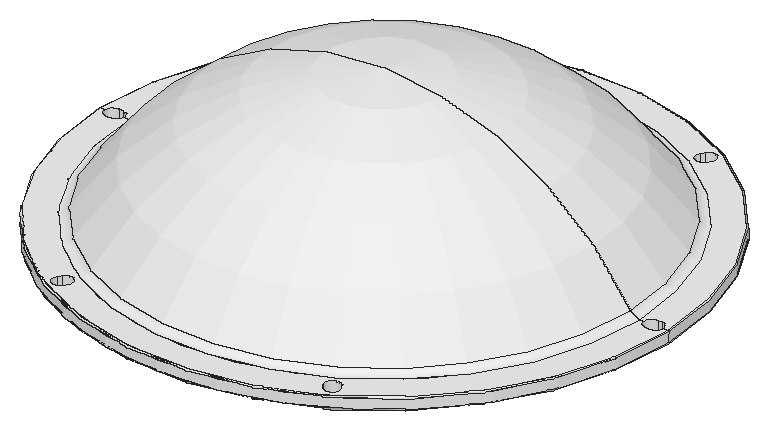
Revit family "ERXLL4P", category 照明器具, Revit 2020
Family settings
  丸型コネクタ寸法 = 直径を使用
  パーツ タイプ = 標準
  作業面ベース = はい
  常に垂直 = いいえ
  ロード時にボイドで切り取り = いいえ
  光源 = いいえ
  共有 = いいえ
  部屋計算ポイント = いいえ
Parameters
  既定の高さ = 1219.2 mm
  本体材質 = 塑膠、不透明白色
  カタログ番号 = "HS000357"
Reference planes
  plane 1 "中心(正面/背面)": y = 0
  plane 2: z = 0
  plane 3 "中心(左/右)": x = 0
  plane 4: x = -133
  plane 5: x = 133
  plane 6: z = 69
  plane 7: z = 5.5
  plane 8: x = 126
  plane 9: x = -126
  plane 10: x = -130.5
  plane 11: x = 130.5
  plane 12: x = 119
  plane 13: x = -119
Forms (mm)
  Revolve 1, solid, material "塑膠、不透明白色" <- "本体材質"
    sketch origin (0, 0, 0) x (1, 0, 0) y (0, 0, 1)
      loop
        line (118.982, 0) -> (132.5, 0)
        arc (132.5, 0) -> (132.854, 0.146) -> (133, 0.5) r 0.5
        line (133, 0.5) -> (133, 5)
        arc (133, 5) -> (132.854, 5.354) -> (132.5, 5.5) r 0.5
        line (132.5, 5.5) -> (119.249, 5.5)
        arc (119.249, 5.5) -> (116.899, 6.087) -> (115.1, 7.709) r 5
        arc (115.1, 7.709) -> (65.201, 52.722) -> (0, 69) r 138.721
        line (0, 69) -> (0, 63.5)
        arc (0, 63.5) -> (62.725, 47.809) -> (110.675, 4.434) r 133.221
        arc (110.675, 4.434) -> (114.274, 1.178) -> (118.982, 0) r 10
      axis (0, 0) -> (0, 69)
    angle from 0 to 360
  Extrusion 2, void
    sketch origin (0, 0, 0) x (-1, 0, 0) y (0, -1, 0)
      loop
        line (-127, -3.5) -> (-125, -3.5)
        arc (-125, -3.5) -> (-121.5, 0) -> (-125, 3.5) r 3.5
        line (-125, 3.5) -> (-127, 3.5)
        arc (-127, 3.5) -> (-130.5, 0) -> (-127, -3.5) r 3.5
    from 0 to 10.299
  Extrusion 3, void
    sketch origin (0, 0, 0) x (-0.5, 0.866025, 0) y (-0.866025, -0.5, 0)
      loop
        line (-127, -3.5) -> (-125, -3.5)
        arc (-125, -3.5) -> (-121.5, 0) -> (-125, 3.5) r 3.5
        line (-125, 3.5) -> (-127, 3.5)
        arc (-127, 3.5) -> (-130.5, 0) -> (-127, -3.5) r 3.5
    from 0 to 10.299
  Extrusion 4, void
    sketch origin (0, 0, 0) x (0.5, 0.866025, 0) y (-0.866025, 0.5, 0)
      loop
        line (-127, -3.5) -> (-125, -3.5)
        arc (-125, -3.5) -> (-121.5, 0) -> (-125, 3.5) r 3.5
        line (-125, 3.5) -> (-127, 3.5)
        arc (-127, 3.5) -> (-130.5, 0) -> (-127, -3.5) r 3.5
    from 0 to 10.299
  Extrusion 5, void
    sketch origin (0, 0, 0) x (1, 0, 0) y (0, 1, 0)
      loop
        line (-127, -3.5) -> (-125, -3.5)
        arc (-125, -3.5) -> (-121.5, 0) -> (-125, 3.5) r 3.5
        line (-125, 3.5) -> (-127, 3.5)
        arc (-127, 3.5) -> (-130.5, 0) -> (-127, -3.5) r 3.5
    from 0 to 10.299
  Extrusion 6, void
    sketch origin (0, 0, 0) x (0.5, -0.866025, 0) y (0.866025, 0.5, 0)
      loop
        line (-127, -3.5) -> (-125, -3.5)
        arc (-125, -3.5) -> (-121.5, 0) -> (-125, 3.5) r 3.5
        line (-125, 3.5) -> (-127, 3.5)
        arc (-127, 3.5) -> (-130.5, 0) -> (-127, -3.5) r 3.5
    from 0 to 10.299
  Extrusion 7, void
    sketch origin (0, 0, 0) x (-0.5, -0.866025, 0) y (0.866025, -0.5, 0)
      loop
        line (-127, -3.5) -> (-125, -3.5)
        arc (-125, -3.5) -> (-121.5, 0) -> (-125, 3.5) r 3.5
        line (-125, 3.5) -> (-127, 3.5)
        arc (-127, 3.5) -> (-130.5, 0) -> (-127, -3.5) r 3.5
    from 0 to 10.299
Cuts and joins
  Extrusion 2, Extrusion 3, Extrusion 4, Extrusion 5, Extrusion 6, Extrusion 7 cuts Revolve 1
Dimensions and locks
  equal spacing: plane 5, plane 3 "中心(左/右)", plane 4
  plane 5 to plane 4 = 266 mm
  plane 7 to level = 5.5 mm
  plane 6 to level = 69 mm
  aligned and locked: level to plane 2
Automatic sketch dimensions
  Revolve 1 sketch curve to Revolve 1 sketch curve = 0 mm  (x2)
  Revolve 1 sketch curve to plane 3 "中心(左/右)" = 0 mm  (x2)
  Revolve 1 sketch curve to level = 0 mm
  Revolve 1 sketch curve to plane 7 = 0 mm
  Revolve 1 sketch curve to plane 5 = 0 mm
  Revolve 1 sketch curve to plane 6 = 0 mm
  plane 12 to Revolve 1 sketch curve = 0.018 mm
  Revolve 1 sketch curve to Revolve 1 sketch curve = 0.267 mm
  Revolve 1 sketch curve to plane 5 = 0.5 mm  (x2)
  Revolve 1 sketch curve to level = 69.721 mm
  plane 7 to Revolve 1 sketch curve = 4.5 mm
  Revolve 1 sketch curve to Revolve 1 sketch curve = 0.5 mm
  Revolve 1 sketch curve to Revolve 1 sketch curve = 5.5 mm
  plane 6 to Revolve 1 sketch curve = 11.5 mm
  Revolve 1 sketch curve to Revolve 1 sketch curve = 5 mm
  Extrusion 2 sketch curve to Extrusion 2 sketch curve = 2 mm
  Extrusion 2 sketch curve to Extrusion 2 sketch curve = 3.5 mm
  Extrusion 3 sketch curve to Extrusion 3 sketch curve = 2 mm
  Extrusion 3 sketch curve to Extrusion 3 sketch curve = 3.5 mm
  Extrusion 4 sketch curve to Extrusion 4 sketch curve = 2 mm
  Extrusion 4 sketch curve to Extrusion 4 sketch curve = 3.5 mm
  Extrusion 5 sketch curve to Extrusion 5 sketch curve = 2 mm
  Extrusion 5 sketch curve to Extrusion 5 sketch curve = 3.5 mm
  Extrusion 6 sketch curve to Extrusion 6 sketch curve = 2 mm
  Extrusion 6 sketch curve to Extrusion 6 sketch curve = 3.5 mm
  Extrusion 7 sketch curve to Extrusion 7 sketch curve = 2 mm
  Extrusion 7 sketch curve to Extrusion 7 sketch curve = 3.5 mm
